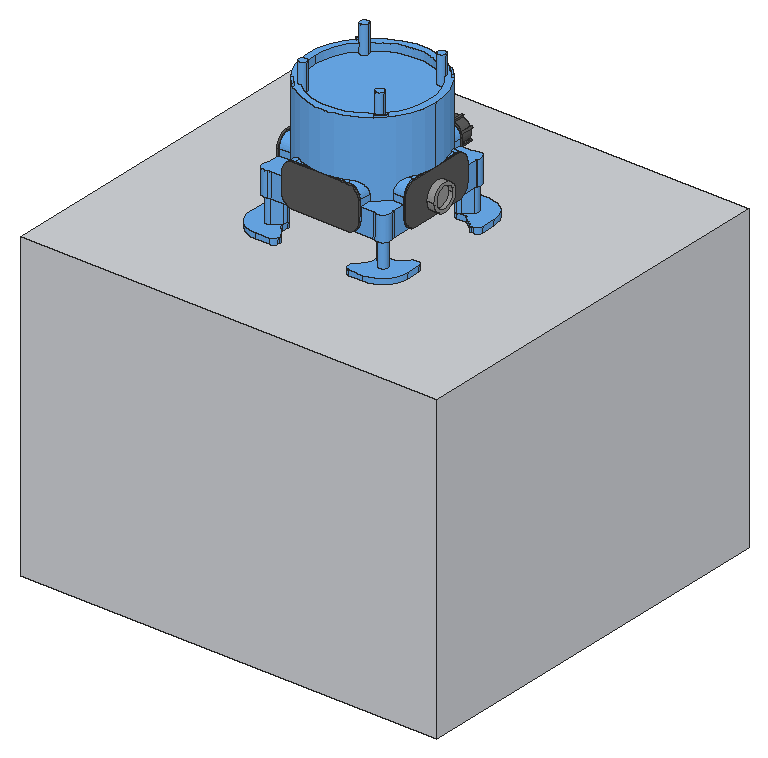
Revit family "IS_BuiltIn_A1000_BIM_DE", category Plumbing Fixtures, host Face, Revit 2016
Family settings
  Host = Face
  Part Type = Normal
  Round Connector Dimension = Use Diameter
  OmniClass Number = 23.45.55.17
  OmniClass Title = Mixing Faucets
  Cut with Voids When Loaded = No
  Shared = Yes
  Room Calculation Point = No
Parameters (values of type "A1000NU Built-In Bath Shower Mixer Kit1/Easy-Box")
  Youtube clip = ""
  WorkingPressure = "0.5-3 Bar"
  Weight Net (Kg) = "0.99"
  WaterEfficientProduct = no
  WarrantyStartDate [instance] = "1900-12-31T23:59:59"
  WarrantyGuarantorParts = "n/a"
  WarrantyGuarantorLabor = "n/a"
  WarrantyDurationUnit = "year"
  WarrantyDurationParts = "5"
  WarrantyDurationLabor = "n/a"
  WarrantyDescription = "Manufacturers Warranty"
  WRAS = no
  WFU = 0
  VolumeUnits = "Litres"
  Version = "1"
  ValvePattern = "n/a"
  ValveOperation = "lever"
  ValveMechanism = "ceramic disc"
  Uniformat II Description = ""
  Uniformat II Code = ""
  Uniclass 2015 Name = "Sanitary fittings and accessories"
  Uniclass 2015 Code = "Pr_40_20"
  Uniclass 2.0 Description = ""
  Uniclass 2.0 Code = ""
  Uniclass 1.4 Description = ""
  Uniclass 1.4 Code = ""
  URL = "www.idealspec.co.uk"
  UNSPSC Code = ""
  Type Comments = "n/a"
  TestPressure = "10 Bar"
  Technical description = "http://www.idealspec.co.uk/assets/datasheets/S242801"
  TagNumber [instance] = "n/a"
  TMV3 = no
  SustainabilityPerformance = "n/a"
  SpareParts = "www.idealstandard.de/ersatzteile"
  Space = "Internal"
  Size = "140 x 145 x 145 mm"
  Shape = "Sculptured"
  SerialNumber [instance] = "n/a"
  Revision = "n/a"
  ReplacementCost = "n/a"
  Region South America = "All"
  Region Oceania = "All"
  Region North America = "All"
  Region Middle East = "All"
  Region Europe = "All"
  Region Asia = "All"
  Region Antarctica = "All"
  Region Africa = "All"
  Reference = "n/a"
  QR code = "http://bimobject.com/idealstandard/product/A1000"
  ProductInformation = "www.idealstandard.de/produkte"
  Product url = "http://www.idealspec.co.uk"
  Product group = "Built-in"
  Product family = "EASY-BOX"
  Product data url = "https://bimobject.com/idealstandard/product/A1000"
  Product certification = ""
  Product SKU = "A1000"
  Product Guid = "589db18a-44e0-4533-b983-931844e90fb0"
  Phone = "+49228 5210\r\n+49228 5210\r\n+49228 5210"
  OmniClass Description = ""
  OmniClass Code = ""
  NominalLength = 0 mm
  Nominal width = 148 mm
  Nominal height = 148 mm
  NettWeight = "0.986 Kg"
  Name = "BUILT-IN BTH SHR MXR KIT1/EASY-BOX"
  NBSTypeID = "n/a"
  NBSReference = "45-35-70/???"
  NBSOfficeMasterTag = "n/a"
  NBSNote = "n/a"
  NBSDescription = ""
  NBSCertification = "n/a"
  NBS Reference Description = ""
  NBS Reference Code = ""
  ModelReference = Description  # "Built-In Bath Shower Mixer Kit1/Easy-Box"
  ModelNumber = Model  # "A1000NU"
  Model = "A1000NU"
  Material secondary = ""
  Material main = "Brass"
  Material = "Brass"
  Masterformat 2014 Description = ""
  Masterformat 2014 Code = ""
  ManufacturerURL = "www.idealstandard.de"
  Manufacturer name = "Ideal Standard"
  Manufacturer country = ""
  Manufacturer = "Productinfo@thebluebook.co.uk"
  LinearUnits = "millimeters"
  InstallationInstructions = "www.idealstandard.de/produkte"
  InstallationDate [instance] = "1900-12-31T23:59:59"
  Installation instructions = ""
  IfcExportType = "FAUCET"
  IfcExportAs = "IfcValveType"
  IFC Classification = ""
  Help = "idealstandard.de@idealstandard.com"
  HWFU = 0
  GrossWeight = "n/a"
  Grade = "n/a"
  FlowCoefficient = "n/a"
  Finish = "Chrome"
  Features = "BUILT-IN BTH SHR MXR KIT1/EASY-BOX"
  FaucetType = "OTHER"
  FaucetTopDescription = "n/a"
  FaucetOperation = "OTHER"
  FaucetFunction = "MIXED"
  ExpectedLife = "30"
  Edition number = 1
  ECA = no
  EAN code = "https://4015413321013"
  DurationUnit = "year"
  DistributedBy = "n/a"
  Design country = ""
  Description = "Built-In Bath Shower Mixer Kit1/Easy-Box"
  Default Elevation = 800 mm
  Date of publishing = ""
  CurrencyUnit = "n/a"
  CreatedOn = "2014-10-10"
  Cost = 0
  Constituents = "n/a"
  ConnectionType = "Plumbing"
  Color = "Chrome"
  CodePerformance = "n/a"
  CloseOffRating = "n/a"
  Category = "n/a"
  CWFU = 0
  COBIe Type Category = ""
  Brand url = "http://www.idealstandard.de"
  Brand = "Ideal Standard"
  BarCode = "4015413321013"
  BREEAMApproved = no
  BIMobject category = "Taps & Mixers"
  BIMObjectName = ""
  Author = "Ideal Standard GmbH"
  AssetType = "Fixed"
  AssetIdentifier [instance] = "n/a"
  Assembly Code = "C1030200"
  AreaUnits = "millimeters"
  AreaMeasurement = "n/a"
  Accessories = "www.idealstandard.de/ersatzteile"
  AccessibilityPerformance = "n/a"
Reference planes
  plane 1 "Center (Front/Back)": y = 0
  plane 2: z = 0
  plane 3 "Center (Left/Right)": x = 0
  plane 4: z = 140
  plane 5: z = 29.317
  plane 6: z = 5
  plane 7: z = 129.2
  plane 8: z = 54.141
  plane 9: x = 65
  plane 10: z = 47.2
  plane 11: y = 65
  plane 12: z = 121.2
  plane 13: z = 131.2
  plane 14: x = 73
  plane 15: y = 80
  plane 16: y = 63
Forms (mm)
  Extrusion 1, solid
    sketch origin (-2.122, -192.856, 0) x (1, 0, 0) y (0, 1, 0)
      loop
        line (-197.878, 392.856) -> (-197.878, 0.823) -> (220.32, 0.823) -> (220.32, 392.856) -> (-197.878, 392.856)
    from 0 to -304.8
  Extrusion 2, solid, material "Plastic_Blue"
    sketch origin (0, 65, 29.317) x (0, 1, 0) y (-1, 0, 0)
      loop
        arc (-11.535, 63.165) -> (-12.389, 62.818) -> (-13.302, 62.7) r 3.592
        line (-13.302, 62.7) -> (-116.698, 62.7)
        arc (-116.698, 62.7) -> (-117.611, 62.818) -> (-118.465, 63.165) r 3.592
        arc (-118.465, 63.165) -> (-126.843, 62.128) -> (-128.297, 53.812) r 7.094
        arc (-128.297, 53.812) -> (-127.851, 52.585) -> (-127.7, 51.288) r 5.638
        line (-127.7, 51.288) -> (-127.7, -51.288)
        arc (-127.7, -51.288) -> (-127.851, -52.585) -> (-128.297, -53.812) r 5.638
        arc (-128.297, -53.812) -> (-126.843, -62.128) -> (-118.465, -63.165) r 7.094
        arc (-118.465, -63.165) -> (-117.611, -62.818) -> (-116.698, -62.7) r 3.592
        line (-116.698, -62.7) -> (-13.302, -62.7)
        arc (-13.302, -62.7) -> (-12.389, -62.818) -> (-11.535, -63.165) r 3.592
        arc (-11.535, -63.165) -> (-3.157, -62.128) -> (-1.703, -53.812) r 7.094
        arc (-1.703, -53.812) -> (-2.149, -52.585) -> (-2.3, -51.288) r 5.638
        line (-2.3, -51.288) -> (-2.3, 51.288)
        arc (-2.3, 51.288) -> (-2.149, 52.585) -> (-1.703, 53.812) r 5.638
        arc (-1.703, 53.812) -> (-3.157, 62.128) -> (-11.535, 63.165) r 7.094
    from 0.697 to 24.824
  Extrusion 3, solid, material "Plastic_Blue"
    sketch origin (0, 62.7, 54.141) x (0, 1, 0) y (-1, 0, 0)
      loop
        circle (-62.7, 0) r 64
      loop
        circle (-62.7, 0) r 57.5
    from 0 to 75.085
  Extrusion 4, solid, material "Plastic_Blue"
    sketch origin (0, 0, 0) x (1, 0, 0) y (0, 1, 0)
      loop
        line (-40.097, 78.997) -> (-53.997, 78.997)
        arc (-53.997, 78.997) -> (-71.675, 71.675) -> (-78.997, 53.997) r 25
        line (-78.997, 53.997) -> (-78.997, 40.097)
        arc (-78.997, 40.097) -> (-77.533, 36.562) -> (-73.997, 35.097) r 5
        line (-73.997, 35.097) -> (-72.057, 35.097)
        arc (-72.057, 35.097) -> (-70.21, 35.44) -> (-68.608, 36.422) r 5.155
        line (-68.608, 36.422) -> (-59.959, 44.209)
        arc (-59.959, 44.209) -> (-58.884, 44.868) -> (-57.644, 45.097) r 3.46
        line (-57.644, 45.097) -> (-49.304, 45.097)
        arc (-49.304, 45.097) -> (-46.33, 46.33) -> (-45.097, 49.304) r 4.207
        line (-45.097, 49.304) -> (-45.097, 57.643)
        arc (-45.097, 57.643) -> (-44.867, 58.884) -> (-44.208, 59.96) r 3.463
        line (-44.208, 59.96) -> (-36.613, 68.395)
        arc (-36.613, 68.395) -> (-35.489, 70.229) -> (-35.097, 72.343) r 5.899
        line (-35.097, 72.343) -> (-35.097, 73.997)
        arc (-35.097, 73.997) -> (-36.562, 77.533) -> (-40.097, 78.997) r 5
      loop
        arc (40.097, 78.997) -> (36.562, 77.533) -> (35.097, 73.997) r 5
        line (35.097, 73.997) -> (35.097, 72.343)
        arc (35.097, 72.343) -> (35.489, 70.229) -> (36.613, 68.395) r 5.899
        line (36.613, 68.395) -> (44.208, 59.96)
        arc (44.208, 59.96) -> (44.867, 58.884) -> (45.097, 57.643) r 3.463
        line (45.097, 57.643) -> (45.097, 49.304)
        arc (45.097, 49.304) -> (46.33, 46.33) -> (49.304, 45.097) r 4.207
        line (49.304, 45.097) -> (57.644, 45.097)
        arc (57.644, 45.097) -> (58.884, 44.868) -> (59.959, 44.209) r 3.46
        line (59.959, 44.209) -> (68.608, 36.422)
        arc (68.608, 36.422) -> (70.21, 35.44) -> (72.057, 35.097) r 5.155
        line (72.057, 35.097) -> (73.997, 35.097)
        arc (73.997, 35.097) -> (77.533, 36.562) -> (78.997, 40.097) r 5
        line (78.997, 40.097) -> (78.997, 53.997)
        arc (78.997, 53.997) -> (71.675, 71.675) -> (53.997, 78.997) r 25
        line (53.997, 78.997) -> (40.097, 78.997)
      loop
        arc (-40.097, -78.997) -> (-36.562, -77.533) -> (-35.097, -73.997) r 5
        line (-35.097, -73.997) -> (-35.097, -72.343)
        arc (-35.097, -72.343) -> (-35.489, -70.229) -> (-36.613, -68.395) r 5.899
        line (-36.613, -68.395) -> (-44.208, -59.96)
        arc (-44.208, -59.96) -> (-44.867, -58.884) -> (-45.097, -57.643) r 3.463
        line (-45.097, -57.643) -> (-45.097, -49.304)
        arc (-45.097, -49.304) -> (-46.33, -46.33) -> (-49.304, -45.097) r 4.207
        line (-49.304, -45.097) -> (-57.644, -45.097)
        arc (-57.644, -45.097) -> (-58.884, -44.868) -> (-59.959, -44.209) r 3.46
        line (-59.959, -44.209) -> (-68.608, -36.422)
        arc (-68.608, -36.422) -> (-70.21, -35.44) -> (-72.057, -35.097) r 5.155
        line (-72.057, -35.097) -> (-73.997, -35.097)
        arc (-73.997, -35.097) -> (-77.533, -36.562) -> (-78.997, -40.097) r 5
        line (-78.997, -40.097) -> (-78.997, -53.997)
        arc (-78.997, -53.997) -> (-71.675, -71.675) -> (-53.997, -78.997) r 25
        line (-53.997, -78.997) -> (-40.097, -78.997)
      loop
        line (40.097, -78.997) -> (53.997, -78.997)
        arc (53.997, -78.997) -> (71.675, -71.675) -> (78.997, -53.997) r 25
        line (78.997, -53.997) -> (78.997, -40.097)
        arc (78.997, -40.097) -> (77.533, -36.562) -> (73.997, -35.097) r 5
        line (73.997, -35.097) -> (72.057, -35.097)
        arc (72.057, -35.097) -> (70.21, -35.44) -> (68.608, -36.422) r 5.155
        line (68.608, -36.422) -> (59.959, -44.209)
        arc (59.959, -44.209) -> (58.884, -44.868) -> (57.644, -45.097) r 3.46
        line (57.644, -45.097) -> (49.304, -45.097)
        arc (49.304, -45.097) -> (46.33, -46.33) -> (45.097, -49.304) r 4.207
        line (45.097, -49.304) -> (45.097, -57.643)
        arc (45.097, -57.643) -> (44.867, -58.884) -> (44.208, -59.96) r 3.463
        line (44.208, -59.96) -> (36.613, -68.395)
        arc (36.613, -68.395) -> (35.489, -70.229) -> (35.097, -72.343) r 5.899
        line (35.097, -72.343) -> (35.097, -73.997)
        arc (35.097, -73.997) -> (36.562, -77.533) -> (40.097, -78.997) r 5
    from 0 to 5
  Extrusion 5, solid, material "Plastic_Blue"
    sketch origin (0, 78.497, 5) x (0, 1, 0) y (-1, 0, 0)
      loop
        arc (-33.4, 49.304) -> (-32.168, 46.33) -> (-29.193, 45.097) r 4.207
        arc (-29.193, 45.097) -> (-27.406, 45.395) -> (-25.889, 46.386) r 4.413
        line (-25.889, 46.386) -> (-18.386, 53.889)
        arc (-18.386, 53.889) -> (-18.386, 60.111) -> (-24.609, 60.111) r 4.4
        line (-24.609, 60.111) -> (-32.111, 52.609)
        arc (-32.111, 52.609) -> (-33.066, 51.078) -> (-33.4, 49.304) r 4.881
      loop
        arc (-33.4, -49.304) -> (-33.066, -51.078) -> (-32.111, -52.609) r 4.881
        line (-32.111, -52.609) -> (-24.609, -60.111)
        arc (-24.609, -60.111) -> (-18.386, -60.111) -> (-18.386, -53.889) r 4.4
        line (-18.386, -53.889) -> (-25.889, -46.386)
        arc (-25.889, -46.386) -> (-27.406, -45.395) -> (-29.193, -45.097) r 4.413
        arc (-29.193, -45.097) -> (-32.168, -46.33) -> (-33.4, -49.304) r 4.207
      loop
        arc (-123.595, 49.304) -> (-123.929, 51.078) -> (-124.884, 52.609) r 4.881
        line (-124.884, 52.609) -> (-132.386, 60.111)
        arc (-132.386, 60.111) -> (-138.609, 60.111) -> (-138.609, 53.889) r 4.4
        line (-138.609, 53.889) -> (-131.106, 46.386)
        arc (-131.106, 46.386) -> (-129.589, 45.395) -> (-127.802, 45.097) r 4.413
        arc (-127.802, 45.097) -> (-124.827, 46.33) -> (-123.595, 49.304) r 4.207
      loop
        arc (-123.595, -49.304) -> (-124.827, -46.33) -> (-127.802, -45.097) r 4.207
        arc (-127.802, -45.097) -> (-129.589, -45.395) -> (-131.106, -46.386) r 4.413
        line (-131.106, -46.386) -> (-138.609, -53.889)
        arc (-138.609, -53.889) -> (-138.609, -60.111) -> (-132.386, -60.111) r 4.4
        line (-132.386, -60.111) -> (-124.884, -52.609)
        arc (-124.884, -52.609) -> (-123.929, -51.078) -> (-123.595, -49.304) r 4.881
    from 0 to 25.015
  Extrusion 6, solid, material "Plastic_Blue"
    sketch origin (0, 0, 0) x (0, 1, 0) y (0, 0, 1)
      loop
        line (26.544, 72.083) -> (-26.621, 72.083)
        arc (-26.621, 72.083) -> (-35.008, 68.608) -> (-38.483, 60.221) r 11.862
        line (-38.483, 60.221) -> (-38.483, 41.109)
        arc (-38.483, 41.109) -> (-34.994, 32.688) -> (-26.573, 29.2) r 11.909
        line (-26.573, 29.2) -> (26.583, 29.2)
        arc (26.583, 29.2) -> (34.997, 32.685) -> (38.483, 41.1) r 11.9
        line (38.483, 41.1) -> (38.483, 60.144)
        arc (38.483, 60.144) -> (34.986, 68.586) -> (26.544, 72.083) r 11.939
    from -63 to 63
  Extrusion 7, solid, material "Plastic_Blue"
    sketch origin (0, 0, 0) x (-1, 0, 0) y (0, 0, 1)
      loop
        line (26.544, 72.083) -> (-26.621, 72.083)
        arc (-26.621, 72.083) -> (-35.008, 68.608) -> (-38.483, 60.221) r 11.862
        line (-38.483, 60.221) -> (-38.483, 41.109)
        arc (-38.483, 41.109) -> (-34.994, 32.688) -> (-26.573, 29.2) r 11.909
        line (-26.573, 29.2) -> (26.583, 29.2)
        arc (26.583, 29.2) -> (34.997, 32.685) -> (38.483, 41.1) r 11.9
        line (38.483, 41.1) -> (38.483, 60.144)
        arc (38.483, 60.144) -> (34.986, 68.586) -> (26.544, 72.083) r 11.939
    from -63 to 63
  Extrusion 8, solid, material "Brass"
    sketch origin (65, 38.483, 1219.2) x (0, 1, 0) y (0, 0, 1)
      loop
        circle (-38.483, -1172) r 13.264
    from 0 to 8
  Extrusion 9, solid, material "Brass"
    sketch origin (-65, 38.483, 1219.2) x (0, 1, 0) y (0, 0, -1)
      loop
        circle (-38.483, 1172) r 13.264
    from 0 to 8
  Extrusion 10, solid, material "Brass"
    sketch origin (-38.483, 97.956, 1219.2) x (-1, 0, 0) y (0, 0, 1)
      loop
        circle (-38.483, -1172) r 13.264
    from -32.956 to -24.956
  Extrusion 11, solid, material "Plastic, Black"
    sketch origin (-38.483, 65, 1219.2) x (-1, 0, 0) y (0, 0, 1)
      loop
        line (-47.545, -1162.073) -> (-47.545, -1160.558) -> (-49.914, -1160.67)
        arc (-49.914, -1160.67) -> (-51.305, -1156.22) -> (-54.271, -1152.621) r 12.142
        line (-54.271, -1152.621) -> (-52.882, -1150.7) -> (-54.108, -1149.813) -> (-55.497, -1151.735)
        arc (-55.497, -1151.735) -> (-59.844, -1150.048) -> (-64.507, -1150.123) r 12.142
        line (-64.507, -1150.123) -> (-65.143, -1147.839) -> (-66.601, -1148.245) -> (-65.965, -1150.529)
        arc (-65.965, -1150.529) -> (-69.994, -1152.876) -> (-72.842, -1156.568) r 12.142
        line (-72.842, -1156.568) -> (-75.025, -1155.642) -> (-75.616, -1157.035) -> (-73.433, -1157.961)
        arc (-73.433, -1157.961) -> (-74.111, -1162.575) -> (-73, -1167.104) r 12.142
        line (-73, -1167.104) -> (-75.085, -1168.233) -> (-74.365, -1169.563) -> (-72.279, -1168.435)
        arc (-72.279, -1168.435) -> (-69.095, -1171.841) -> (-64.861, -1173.796) r 12.142
        line (-64.861, -1173.796) -> (-65.279, -1176.13) -> (-63.789, -1176.397) -> (-63.372, -1174.062)
        arc (-63.372, -1174.062) -> (-58.723, -1173.696) -> (-54.555, -1171.605) r 12.142
        line (-54.555, -1171.605) -> (-52.991, -1173.387) -> (-51.918, -1172.315) -> (-53.418, -1170.607)
        arc (-53.418, -1170.607) -> (-50.806, -1166.744) -> (-49.842, -1162.182) r 12.142
        line (-49.842, -1162.182) -> (-47.545, -1162.073)
    from 0 to 15
  Extrusion 12, solid, material "Plastic_Blue"
    sketch origin (0, 62.7, 54.141) x (0, 1, 0) y (-1, 0, 0)
      loop
        circle (-62.7, 0) r 62.7
    from 0 to 67.058
  Extrusion 13, solid, material "Plastic_Blue"
    sketch origin (0, 76.161, 121.2) x (0, 1, 0) y (-1, 0, 0)
      loop
        circle (-37.27, -38.891) r 4
      loop
        circle (-37.27, 38.891) r 4
      loop
        circle (-115.052, -38.891) r 4
      loop
        circle (-115.052, 38.891) r 4
    from 0 to 27
  Extrusion 14, solid, material "Plastic_Blue"
    sketch origin (0, 64, 129.2) x (0, 1, 0) y (-1, 0, 0)
      loop
        line (-16.144, 40.197) -> (-14.994, 41.163)
        arc (-14.994, 41.163) -> (-18.734, 45.244) -> (-22.813, 48.986) r 64
        line (-22.813, 48.986) -> (-23.873, 47.926)
        arc (-23.873, 47.926) -> (-19.722, 44.348) -> (-16.144, 40.197) r 36.998
      loop
        arc (-16.144, -40.197) -> (-19.722, -44.348) -> (-23.873, -47.926) r 36.998
        line (-23.873, -47.926) -> (-22.813, -48.986)
        arc (-22.813, -48.986) -> (-18.734, -45.244) -> (-14.994, -41.163) r 64
        line (-14.994, -41.163) -> (-16.144, -40.197)
      loop
        arc (-111.856, 40.197) -> (-108.278, 44.348) -> (-104.127, 47.926) r 36.998
        line (-104.127, 47.926) -> (-105.187, 48.986)
        arc (-105.187, 48.986) -> (-109.266, 45.244) -> (-113.006, 41.163) r 64
        line (-113.006, 41.163) -> (-111.856, 40.197)
      loop
        line (-111.856, -40.197) -> (-113.006, -41.163)
        arc (-113.006, -41.163) -> (-109.266, -45.244) -> (-105.187, -48.986) r 64
        line (-105.187, -48.986) -> (-104.127, -47.926)
        arc (-104.127, -47.926) -> (-108.278, -44.348) -> (-111.856, -40.197) r 36.998
    from 0 to 2
  Extrusion 15, void
    sketch origin (73, 13.264, 1219.2) x (0, -1, 0) y (0, 0, 1)
      loop
        circle (13.264, -1172) r 10.5
    from 0 to 5
  Extrusion 16, void
    sketch origin (-73, 13.264, 1219.2) x (0, -1, 0) y (0, 0, -1)
      loop
        circle (13.264, 1172) r 10.5
    from 0 to 5
  Extrusion 17, void
    sketch origin (13.264, 73, 1219.2) x (-1, 0, 0) y (0, 0, -1)
      loop
        circle (13.264, 1172) r 10.5
    from 0 to 5
  Extrusion 18, void
    sketch origin (-38.483, 80, 1219.2) x (-1, 0, 0) y (0, 0, 1)
      loop
        circle (-61.983, -1162) r 10.5
    from 0 to -10
  Extrusion 19, solid, material "Plastic, Black"
    sketch origin (-38.483, 63, 1219.2) x (-1, 0, 0) y (0, 0, 1)
      loop
        arc (-65.103, -1147.117) -> (-73.491, -1150.592) -> (-76.965, -1158.979) r 11.862
        line (-76.965, -1158.979) -> (-76.965, -1178.091)
        arc (-76.965, -1178.091) -> (-73.477, -1186.512) -> (-65.056, -1190) r 11.909
        line (-65.056, -1190) -> (-11.9, -1190)
        arc (-11.9, -1190) -> (-3.485, -1186.515) -> (0, -1178.1) r 11.9
        line (0, -1178.1) -> (0, -1159.056)
        arc (0, -1159.056) -> (-3.497, -1150.614) -> (-11.939, -1147.117) r 11.939
        line (-11.939, -1147.117) -> (-38.483, -1147.117) -> (-65.103, -1147.117)
    from 0 to 2
  Extrusion 20, solid, material "Plastic, Black"
    sketch origin (-38.483, -64, 1219.2) x (-1, 0, 0) y (0, 0, -1)
      loop
        line (-65.103, 1147.117) -> (-38.483, 1147.117) -> (-11.939, 1147.117)
        arc (-11.939, 1147.117) -> (-3.497, 1150.614) -> (0, 1159.056) r 11.939
        line (0, 1159.056) -> (0, 1178.1)
        arc (0, 1178.1) -> (-3.485, 1186.515) -> (-11.9, 1190) r 11.9
        line (-11.9, 1190) -> (-65.056, 1190)
        arc (-65.056, 1190) -> (-73.477, 1186.512) -> (-76.965, 1178.091) r 11.909
        line (-76.965, 1178.091) -> (-76.965, 1158.979)
        arc (-76.965, 1158.979) -> (-73.491, 1150.592) -> (-65.103, 1147.117) r 11.862
    from -1 to 1
  Extrusion 21, solid, material "Plastic, Black"
    sketch origin (-64, 38.483, 1219.2) x (0, 1, 0) y (0, 0, -1)
      loop
        line (-65.103, 1147.117) -> (-38.483, 1147.117) -> (-11.939, 1147.117)
        arc (-11.939, 1147.117) -> (-3.497, 1150.614) -> (0, 1159.056) r 11.939
        line (0, 1159.056) -> (0, 1178.1)
        arc (0, 1178.1) -> (-3.485, 1186.515) -> (-11.9, 1190) r 11.9
        line (-11.9, 1190) -> (-65.056, 1190)
        arc (-65.056, 1190) -> (-73.477, 1186.512) -> (-76.965, 1178.091) r 11.909
        line (-76.965, 1178.091) -> (-76.965, 1158.979)
        arc (-76.965, 1158.979) -> (-73.491, 1150.592) -> (-65.103, 1147.117) r 11.862
    from -1 to 1
  Extrusion 22, solid, material "Plastic, Black"
    sketch origin (64, 38.483, 1219.2) x (0, 1, 0) y (0, 0, 1)
      loop
        arc (-65.103, -1147.117) -> (-73.491, -1150.592) -> (-76.965, -1158.979) r 11.862
        line (-76.965, -1158.979) -> (-76.965, -1178.091)
        arc (-76.965, -1178.091) -> (-73.477, -1186.512) -> (-65.056, -1190) r 11.909
        line (-65.056, -1190) -> (-11.9, -1190)
        arc (-11.9, -1190) -> (-3.485, -1186.515) -> (0, -1178.1) r 11.9
        line (0, -1178.1) -> (0, -1159.056)
        arc (0, -1159.056) -> (-3.497, -1150.614) -> (-11.939, -1147.117) r 11.939
        line (-11.939, -1147.117) -> (-38.483, -1147.117) -> (-65.103, -1147.117)
    from -1 to 1
Cuts and joins
  Extrusion 15 cuts Extrusion 2
  Extrusion 15 cuts Extrusion 3
  Extrusion 15 cuts Extrusion 6
  Extrusion 15 cuts Extrusion 7
  Extrusion 15 cuts Extrusion 12
  joined: Extrusion 2, Extrusion 3, Extrusion 5, Extrusion 6, Extrusion 7, Extrusion 12, Extrusion 13, Extrusion 14
  Extrusion 15, Extrusion 16 cuts Extrusion 8
  Extrusion 15, Extrusion 16, Extrusion 17 cuts Extrusion 9
  Extrusion 17 cuts Extrusion 10
  Extrusion 18 cuts Extrusion 11
Dimensions and locks
  plane 4 to level = 140 mm
  aligned and locked: plane 2 to Extrusion 1
  aligned and locked: level to Extrusion 1
  aligned and locked: plane 12 to Extrusion 12
  aligned and locked: Extrusion 14 to plane 13
  aligned and locked: plane 14 to Extrusion 8
  aligned and locked: plane 15 to Extrusion 11
  aligned and locked: plane 16 to cut or joined group of Extrusion 2, Extrusion 3, Extrusion 5, Extrusion 6, Extrusion 7, Extrusion 12, Extrusion 13, Extrusion 14, Extrusion 15
Connectors
  piping at (68, 0, 47.2), diameter 21
    settings: on cut or joined group of Extrusion 8, Extrusion 15, Extrusion 16, index 1, connector inside diameter 24", connector length 0 mm, flow factor 0, pipe flow 0 GPM, pressure drop 0.00 psi, fitting loss kfactor 0, connector angle 0.00°, fixture units 0, engagement length 0 mm, angle of deflection 0.00°, flow configuration 2, flow direction 1, fitting loss method 0, system type 20, joint type 0, gender type 0, connector reference index -1, connector utility 0, adjustable connector no, is connector primary yes, connector description ""
  piping at (-68, 0, 47.2), diameter 21
    settings: on cut or joined group of Extrusion 9, Extrusion 15, Extrusion 16, Extrusion 17, index 2, connector inside diameter 24", connector length 0 mm, flow factor 0, pipe flow 0 GPM, pressure drop 0.00 psi, fitting loss kfactor 0, connector angle 0.00°, fixture units 0, engagement length 0 mm, angle of deflection 0.00°, flow configuration 2, flow direction 1, fitting loss method 0, system type 19, joint type 0, gender type 0, connector reference index -1, connector utility 0, adjustable connector no, is connector primary no, connector description ""
  piping at (0, 68, 47.2), diameter 21
    settings: on cut or joined group of Extrusion 10, Extrusion 17, index 3, connector inside diameter 24", connector length 0 mm, flow factor 0, pipe flow 0 GPM, pressure drop 0.00 psi, fitting loss kfactor 0, connector angle 0.00°, fixture units 0, engagement length 0 mm, angle of deflection 0.00°, flow configuration 2, flow direction 2, fitting loss method 0, system type 19, joint type 0, gender type 0, connector reference index -1, connector utility 0, adjustable connector no, is connector primary no, connector description ""
  electrical at (23.5, 70, 57.2)
    settings: on cut or joined group of Extrusion 11, Extrusion 18, index 4, voltage 6.5 V, apparent load 0.5 VA, apparent load phase1 0 VA, apparent load phase2 0 VA, apparent load phase3 0 VA, power factor 1, load classification "Power", number of poles 1, system type 30, power factor state 1, is connector primary yes, connector utility no, sub classification motor no, connector description ""
